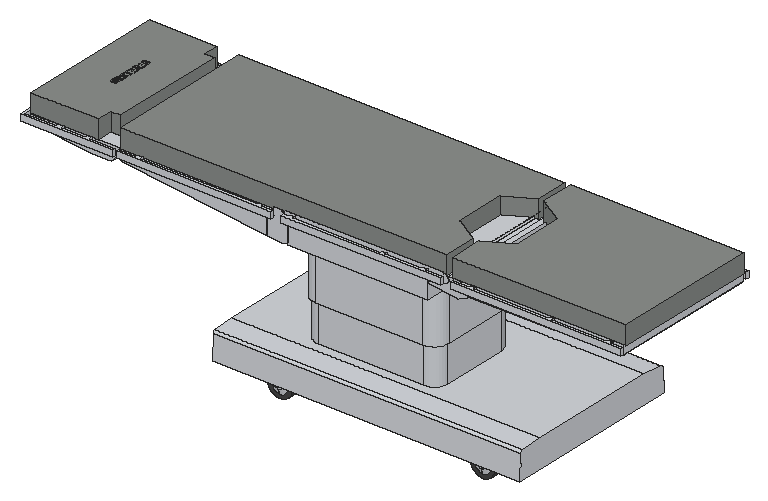
Revit family "R4095SurgicalTable", category Specialty Equipment, Revit 2017 (continued)
Lines and regions (in)
  symbolic lines, style "AMSEQUIP"
    curve 932: line (-106.98169, -19.25, 22.45227) -> (-127.41703, -19.25, 22.45227)
    curve 933: line (-106.67139, -19.25, 22.29713) -> (-106.67139, -19.25, 22.62959)
    curve 934: line (-106.91683, -19.25, 22.29713) -> (-105.80699, -19.25, 22.29713)
    curve 935: line (-105.60751, -19.25, 21.69869) -> (-105.60751, -19.25, 22.09765)
    curve 936: line (-127.41703, -19.25, 21.3219) -> (-118.70652, -19.25, 21.3219)
    curve 937: line (-118.70652, -19.25, 21.3219) -> (-118.70652, -19.25, 21.56571)
    curve 938: line (-118.70652, -19.25, 21.56571) -> (-117.9751, -19.25, 21.56571)
    curve 939: line (-117.9751, -19.25, 21.56571) -> (-117.9751, -19.25, 21.3219)
    curve 940: line (-117.9751, -19.25, 21.3219) -> (-116.42361, -19.25, 21.3219)
    curve 941: line (-116.42361, -19.25, 21.3219) -> (-116.42361, -19.25, 21.56571)
    curve 942: line (-116.42361, -19.25, 21.56571) -> (-115.67003, -19.25, 21.56571)
    curve 943: line (-115.67003, -19.25, 21.56571) -> (-115.67003, -19.25, 21.3219)
    curve 944: line (-115.67003, -19.25, 21.3219) -> (-106.98169, -19.25, 21.3219)
    curve 945: line (-110.04034, -19.25, 19.77041) -> (-109.24243, -19.25, 19.77041)
    curve 946: line (-109.24243, -19.25, 19.63743) -> (-110.04034, -19.25, 19.63743)
    curve 947: line (-107.91258, -19.25, 18.7287) -> (-107.86825, -19.25, 18.7287)
    curve 948: line (-107.86825, -19.25, 21.3219) -> (-107.86825, -19.25, 18.55139)
    curve 949: line (-107.86825, -19.25, 18.55139) -> (-107.69094, -19.25, 18.55139)
    curve 950: line (-107.69094, -19.25, 18.55139) -> (-106.09512, -19.25, 18.37407)
    curve 951: line (-104.05602, -19.25, 20.08071) -> (-105.47453, -19.25, 21.41056)
    curve 952: line (-127.17322, -19.25, 21.87601) -> (-127.19538, -19.25, 21.92034)
    curve 953: line (-127.19538, -19.25, 21.92034) -> (-127.26188, -19.25, 21.89817)
    curve 954: line (-127.26188, -19.25, 21.89817) -> (-127.26188, -19.25, 21.85384)
    curve 955: line (-127.26188, -19.25, 21.85384) -> (-127.19538, -19.25, 21.83168)
    curve 956: line (-127.19538, -19.25, 21.83168) -> (-127.17322, -19.25, 21.87601)
    curve 957: line (-127.49347, -19.25, 22.29713) -> (-127.63867, -19.25, 22.29713)
    curve 958: line (-127.63867, -19.25, 22.29713) -> (-127.63867, -19.25, 22.62959)
    curve 959: line (-127.63867, -19.25, 22.62959) -> (-127.59434, -19.25, 22.67392)
    curve 960: line (-127.59434, -19.25, 22.29713) -> (-127.59434, -19.25, 20.98944)
    curve 961: line (-107.91258, -19.25, 21.3219) -> (-107.91258, -19.25, 18.64004)
    curve 962: line (-107.91258, -19.25, 18.64004) -> (-107.93475, -19.25, 18.57355)
    curve 963: line (-107.93475, -19.25, 18.57355) -> (-127.23971, -19.25, 20.59049)
    curve 964: line (-127.74949, -19.25, 22.65175) -> (-139.69596, -19.25, 22.65175)
    curve 965: line (-139.69596, -19.25, 22.65175) -> (-139.69596, -19.25, 24.65175)
    curve 966: line (-139.69596, -19.25, 24.65175) -> (-127.74949, -19.25, 24.65175)
    curve 967: line (-127.74949, -19.25, 24.65175) -> (-127.74949, -19.25, 22.65175)
    curve 968: line (-127.63867, -19.25, 22.62959) -> (-106.67139, -19.25, 22.62959)
    curve 969: line (-106.67139, -19.25, 22.62959) -> (-106.71572, -19.25, 22.67392)
    curve 970: line (-106.71572, -19.25, 22.67392) -> (-127.63867, -19.25, 22.67392)
    curve 971: line (-127.63867, -19.25, 22.67392) -> (-127.63867, -19.25, 24.65175)
    curve 972: line (-127.63867, -19.25, 24.65175) -> (-83.7315, -19.25, 24.65175)
    curve 973: line (-83.7315, -19.25, 24.65175) -> (-83.7315, -19.25, 22.76257)
    curve 974: line (-83.7315, -19.25, 22.76257) -> (-102.10558, -19.25, 22.76257)
    curve 975: line (-82.95576, -19.25, 22.74041) -> (-59.63908, -19.25, 22.74041)
    curve 976: line (-59.63908, -19.25, 22.74041) -> (-59.63908, -19.25, 24.60463)
    curve 977: line (-59.63908, -19.25, 24.60463) -> (-82.95576, -19.25, 24.65023)
    curve 978: line (-82.95576, -19.25, 24.65023) -> (-82.95576, -19.25, 22.74041)
    curve 981: circle (-1.46555, 9.42345, 21.45119) r 0.15889 normal (-1, 0, 0)
    curve 982: circle (-1.46555, 9.60077, 21.05224) r 0.15889 normal (-1, 0, 0)
    curve 983: circle (-1.46555, -9.28308, 21.0744) r 0.15889 normal (-1, 0, 0)
    curve 984: circle (-1.46555, -9.65987, 21.45119) r 0.15889 normal (-1, 0, 0)
    curve 985: circle (-1.46555, 1.93181, 1.55502) r 0.4025 normal (-1, 0, 0)
    curve 986: line (-1.46555, 9.88521, 22.67392) -> (-1.46555, 9.88521, 24.67392)
    curve 987: line (-1.46555, 9.88521, 24.67392) -> (-1.46555, -9.97386, 24.67392)
    curve 988: line (-1.46555, -9.97386, 24.67392) -> (-1.46555, -9.97386, 22.67392)
    curve 989: line (-1.46555, -10.77177, 0.53194) -> (-1.46555, -10.86398, 0.59341)
    curve 990: line (-1.46555, -10.86398, 0.59341) -> (-1.46555, -10.99341, 1.21903)
    curve 991: line (-1.46555, -10.99341, 1.21903) -> (-1.46555, -10.99341, 2.01694)
    curve 992: line (-1.46555, -10.99341, 2.01694) -> (-1.46555, -10.92668, 2.35061)
    curve 993: line (-1.46555, 10.90502, 2.37051) -> (-1.46555, 10.99341, 2.01694)
    curve 994: line (-1.46555, 10.99341, 2.01694) -> (-1.46555, 10.99341, 1.21903)
    curve 995: line (-1.46555, 10.99341, 1.21903) -> (-1.46555, 10.83826, 0.57627)
    curve 996: line (-1.46555, 10.83826, 0.57627) -> (-1.46555, 10.77177, 0.53194)
    curve 997: line (-1.46555, -1.77313, 16.33497) -> (-1.46555, -1.77313, 6.1838)
    curve 998: line (-1.46555, -6.84872, 11.19289) -> (-1.46555, -6.84872, 6.1838)
    curve 999: line (-1.46555, 4.0782, 11.28155) -> (-1.46555, 4.0782, 6.1838)
    curve 1000: line (-1.46555, -7.00387, 11.23722) -> (-1.46555, -7.00387, 16.35714)
    curve 1001: line (-1.46555, 4.25552, 16.35714) -> (-1.46555, 4.25552, 11.28155)
    curve 1002: line (-1.46555, 4.9426, 11.30219) -> (-1.46555, 4.9426, 6.1838)
    curve 1003: line (-1.46555, -7.64663, 6.1838) -> (-1.46555, -7.64663, 11.19422)
    curve 1004: line (-1.46555, -1.1747, 1.52933) -> (-1.46555, -1.30768, 1.52933)
    curve 1005: line (-1.46555, -0.84224, 1.52933) -> (-1.46555, -0.82007, 1.57365)
    curve 1006: line (-1.46555, -0.82007, 1.57365) -> (-1.46555, -0.75358, 1.55149)
    curve 1007: line (-1.46555, -0.75358, 1.55149) -> (-1.46555, -0.75358, 1.50716)
    curve 1008: line (-1.46555, -0.75358, 1.50716) -> (-1.46555, -0.82007, 1.485)
    curve 1009: line (-1.46555, -0.82007, 1.485) -> (-1.46555, -0.84224, 1.52933)
    curve 1010: line (-1.46555, -1.61798, 1.99477) -> (-1.46555, -1.61798, 1.06388)
    curve 1011: line (-1.46555, -1.61798, 1.06388) -> (-1.46555, -2.21641, 1.06388)
    curve 1012: line (-1.46555, -2.21641, 1.06388) -> (-1.46555, -2.21641, 1.99477)
    curve 1013: line (-1.46555, -2.21641, 1.99477) -> (-1.46555, -1.61798, 1.99477)
    curve 1014: line (-1.46555, -1.37418, 1.99477) -> (-1.46555, -1.37418, 1.06388)
    curve 1015: line (-1.46555, -1.37418, 1.06388) -> (-1.46555, -0.66492, 1.06388)
    curve 1016: line (-1.46555, -0.66492, 1.06388) -> (-1.46555, -0.66492, 1.99477)
    curve 1017: line (-1.46555, -0.66492, 1.99477) -> (-1.46555, -1.37418, 1.99477)
    curve 1018: line (-1.46555, 0.22164, 1.26652) -> (-1.46555, 0.22164, 1.79213)
    curve 1019: line (-1.46555, 0.22164, 1.79213) -> (-1.46555, 0.04433, 1.99477)
    curve 1020: line (-1.46555, 0.04433, 1.99477) -> (-1.46555, -0.42112, 1.99477)
    curve 1021: line (-1.46555, -0.42112, 1.99477) -> (-1.46555, -0.42112, 1.06388)
    curve 1022: line (-1.46555, -0.42112, 1.06388) -> (-1.46555, 0.04433, 1.06388)
    curve 1023: line (-1.46555, 0.04433, 1.06388) -> (-1.46555, 0.22164, 1.26652)
    curve 1024: line (-1.46555, 0.04433, 1.485) -> (-1.46555, 0.04433, 1.57365)
    curve 1025: line (-1.46555, 0.04433, 1.57365) -> (-1.46555, -0.11082, 1.57365)
    curve 1026: line (-1.46555, -0.11082, 1.57365) -> (-1.46555, -0.11082, 1.485)
    curve 1027: line (-1.46555, -0.11082, 1.485) -> (-1.46555, 0.04433, 1.485)
    curve 1028: line (-1.46555, -0.26597, 1.83962) -> (-1.46555, -0.26597, 1.77313)
    curve 1029: line (-1.46555, -0.26597, 1.77313) -> (-1.46555, -0.11082, 1.77313)
    curve 1030: line (-1.46555, -0.11082, 1.77313) -> (-1.46555, -0.11082, 1.83962)
    curve 1031: line (-1.46555, -0.11082, 1.83962) -> (-1.46555, -0.26597, 1.83962)
    curve 1032: line (-1.46555, -0.26597, 1.28552) -> (-1.46555, -0.11082, 1.28552)
    curve 1033: line (-1.46555, -0.11082, 1.28552) -> (-1.46555, -0.11082, 1.21903)
    curve 1034: line (-1.46555, -0.11082, 1.21903) -> (-1.46555, -0.26597, 1.21903)
    curve 1035: line (-1.46555, -0.26597, 1.21903) -> (-1.46555, -0.26597, 1.28552)
    curve 1036: line (-1.46555, -2.40112, 0.79791) -> (-1.46555, -2.77052, 1.46283)
    curve 1037: line (-1.46555, -2.77052, 1.46283) -> (-1.46555, -2.77052, 1.61798)
    curve 1038: line (-1.46555, -2.77052, 1.61798) -> (-1.46555, -2.38691, 2.28291)
    curve 1039: line (-1.46555, -2.38691, 2.28291) -> (-1.46555, 0.32223, 2.28291)
    curve 1040: line (-1.46555, 0.32223, 2.28291) -> (-1.46555, 0.73142, 1.61798)
    curve 1041: line (-1.46555, 0.73142, 1.61798) -> (-1.46555, 0.73142, 1.46283)
    curve 1042: line (-1.46555, 0.73142, 1.46283) -> (-1.46555, 0.33739, 0.79791)
    curve 1043: line (-1.46555, 0.33739, 0.79791) -> (-1.46555, -2.40112, 0.79791)
    curve 1044: line (-1.46555, -11.01558, 1.41851) -> (-1.46555, -11.01558, 1.81746)
    curve 1045: line (-1.46555, -11.01558, 1.81746) -> (-1.46555, -11.10423, 1.81746)
    curve 1046: line (-1.46555, -11.10423, 1.81746) -> (-1.46555, -11.10423, 1.41851)
    curve 1047: line (-1.46555, -11.10423, 1.41851) -> (-1.46555, -11.01558, 1.41851)
    curve 1048: line (-1.46555, 4.78745, 1.59582) -> (-1.46555, 2.79268, 1.59582)
    curve 1049: line (-1.46555, -8.777, 18.52922) -> (-1.46555, -8.71051, 18.48489)
    curve 1050: line (-1.46555, -8.71051, 18.48489) -> (-1.46555, -8.51103, 18.48489)
    curve 1051: line (-1.46555, -8.51103, 18.48489) -> (-1.46555, -8.51103, 18.55139)
    curve 1052: line (-1.46555, -8.59969, 18.48489) -> (-1.46555, -8.59969, 18.35191)
    curve 1053: line (-1.46555, -8.59969, 18.35191) -> (-1.46555, -7.58014, 18.35191)
    curve 1054: line (-1.46555, -7.58014, 18.35191) -> (-1.46555, -7.58014, 18.62387)
    curve 1055: line (-1.46555, -4.6988, 18.90601) -> (-1.46555, -4.6988, 17.13288)
    curve 1056: line (-1.46555, -4.6988, 17.13288) -> (-1.46555, -6.49409, 16.35714)
    curve 1057: line (-1.46555, 4.78745, 1.485) -> (-1.46555, 4.41066, 1.485)
    curve 1058: line (-1.46555, 4.41066, 1.485) -> (-1.46555, 4.41066, 1.28552)
    curve 1059: line (-1.46555, 4.78745, 1.28552) -> (-1.46555, 2.79268, 1.28552)
    curve 1060: line (-1.46555, 3.19164, 1.28552) -> (-1.46555, 3.19164, 1.485)
    curve 1061: line (-1.46555, 3.19164, 1.485) -> (-1.46555, 2.79268, 1.485)
    curve 1062: line (-1.46555, 2.79268, 1.08604) -> (-1.46555, 4.78745, 1.08604)
    curve 1063: line (-1.46555, 4.78745, 1.08604) -> (-1.46555, 4.78745, 1.99477)
    curve 1064: line (-1.46555, 4.78745, 1.99477) -> (-1.46555, 2.79268, 1.99477)
    curve 1065: line (-1.46555, 2.79268, 1.99477) -> (-1.46555, 2.79268, 1.08604)
    curve 1066: line (-1.46555, 4.9426, 1.1747) -> (-1.46555, 4.9426, 1.95044)
    curve 1067: line (-1.46555, 5.11992, 16.35714) -> (-1.46555, 5.11992, 11.30371)
    curve 1068: line (-1.46555, 5.11992, 11.30371) -> (-1.46555, -7.80178, 11.19289)
    curve 1069: line (-1.46555, -7.80178, 11.19289) -> (-1.46555, -7.80178, 16.11333)
    curve 1070: line (-1.46555, 1.81746, 1.37418) -> (-1.46555, 2.0391, 1.37418)
    curve 1071: line (-1.46555, 2.0391, 1.37418) -> (-1.46555, 2.14992, 1.55149)
    curve 1072: line (-1.46555, 2.14992, 1.55149) -> (-1.46555, 2.0391, 1.75097)
    curve 1073: line (-1.46555, 2.0391, 1.75097) -> (-1.46555, 1.81746, 1.75097)
    curve 1074: line (-1.46555, 1.81746, 1.75097) -> (-1.46555, 1.70664, 1.55149)
    curve 1075: line (-1.46555, 1.70664, 1.55149) -> (-1.46555, 1.81746, 1.37418)
    curve 1076: line (-1.46555, -7.62446, 17.48751) -> (-1.46555, -7.40282, 17.48751)
    curve 1077: line (-1.46555, -7.40282, 17.48751) -> (-1.46555, -7.40282, 17.17721)
    curve 1078: line (-1.46555, -7.40282, 17.17721) -> (-1.46555, -7.62446, 17.17721)
    curve 1079: line (-1.46555, -9.88521, 18.28542) -> (-1.46555, -9.9517, 18.28542)
    curve 1080: line (-1.46555, -9.9517, 18.28542) -> (-1.46555, -9.9517, 17.97512)
    curve 1081: line (-1.46555, -9.9517, 17.97512) -> (-1.46555, -9.88521, 17.97512)
    curve 1082: line (-1.46555, -9.88521, 17.97512) -> (-1.46555, -9.88521, 18.55139)
    curve 1083: line (-1.46555, -7.62446, 18.15243) -> (-1.46555, -9.88521, 18.15243)
    curve 1084: line (-1.46555, 2.63753, 17.13288) -> (-1.46555, 2.63753, 18.90601)
    curve 1085: line (-1.46555, 2.63753, 18.90601) -> (-1.46555, -7.38066, 18.90601)
    curve 1086: line (-1.46555, -7.38066, 18.90601) -> (-1.46555, -7.38066, 18.30758)
    curve 1087: line (-1.46555, -7.38066, 18.30758) -> (-1.46555, -8.59969, 18.30758)
    curve 1088: line (-1.46555, -8.59969, 18.30758) -> (-1.46555, -8.59969, 18.15243)
    curve 1089: line (-1.46555, 8.59969, 18.48489) -> (-1.46555, 8.59969, 18.35191)
    curve 1090: line (-1.46555, 8.59969, 18.35191) -> (-1.46555, 7.58014, 18.35191)
    curve 1091: line (-1.46555, 7.58014, 18.35191) -> (-1.46555, 7.58014, 18.62387)
    curve 1092: line (-1.46555, -7.62446, 16.35714) -> (-1.46555, 7.62446, 16.35714)
    curve 1093: line (-1.46555, 9.88521, 17.97512) -> (-1.46555, 9.88521, 16.11333)
    curve 1094: line (-1.46555, 9.88521, 16.11333) -> (-1.46555, 7.62446, 16.11333)
    curve 1095: line (-1.46555, 7.62446, 16.11333) -> (-1.46555, 7.62446, 18.30758)
    curve 1096: line (-1.46555, -9.19812, 18.55139) -> (-1.46555, -9.19812, 18.46273)
    curve 1097: line (-1.46555, -9.19812, 18.46273) -> (-1.46555, -8.68834, 18.46273)
    curve 1098: line (-1.46555, -8.68834, 18.46273) -> (-1.46555, -8.68834, 18.15243)
    curve 1099: line (-1.46555, 7.31417, 18.50706) -> (-1.46555, 2.63753, 18.50706)
    curve 1100: line (-1.46555, 8.59969, 18.15243) -> (-1.46555, 8.59969, 18.30758)
    curve 1101: line (-1.46555, 8.59969, 18.30758) -> (-1.46555, 7.31417, 18.30758)
    curve 1102: line (-1.46555, 7.31417, 18.30758) -> (-1.46555, 7.31417, 18.81736)
    curve 1103: line (-1.46555, 7.31417, 18.81736) -> (-1.46555, 2.63753, 18.81736)
    curve 1104: line (-1.46555, 2.81485, 2.10559) -> (-1.46555, 4.76529, 2.10559)
    curve 1105: line (-1.46555, 8.66618, 18.15243) -> (-1.46555, 8.66618, 18.46273)
    curve 1106: line (-1.46555, 8.66618, 18.46273) -> (-1.46555, 9.17595, 18.46273)
    curve 1107: line (-1.46555, 9.17595, 18.46273) -> (-1.46555, 9.17595, 18.55139)
    curve 1108: line (-1.46555, 9.86304, 18.28542) -> (-1.46555, 9.9517, 18.28542)
    curve 1109: line (-1.46555, 9.9517, 18.28542) -> (-1.46555, 9.9517, 17.97512)
    curve 1110: line (-1.46555, 9.9517, 17.97512) -> (-1.46555, 9.86304, 17.97512)
    curve 1111: line (-1.46555, 9.86304, 17.97512) -> (-1.46555, 9.86304, 18.55139)
    curve 1112: line (-1.46555, 11.01558, 1.81746) -> (-1.46555, 11.10423, 1.81746)
    curve 1113: line (-1.46555, 11.10423, 1.81746) -> (-1.46555, 11.10423, 1.41851)
    curve 1114: line (-1.46555, 11.10423, 1.41851) -> (-1.46555, 11.01558, 1.41851)
    curve 1115: line (-1.46555, 11.01558, 1.41851) -> (-1.46555, 11.01558, 1.81746)
    curve 1116: line (-1.46555, 10.23954, 2.36991) -> (-1.46555, 9.92954, 0.64276)
    curve 1117: line (-1.46555, 9.92954, 0.64276) -> (-1.46555, -9.92954, 0.64276)
    curve 1118: line (-1.46555, -9.92954, 0.64276) -> (-1.46555, -10.31168, 2.35117)
    curve 1119: line (-1.46555, 8.48887, 18.55139) -> (-1.46555, 8.48887, 18.48489)
    curve 1120: line (-1.46555, 8.48887, 18.48489) -> (-1.46555, 8.71051, 18.48489)
    curve 1121: line (-1.46555, 8.71051, 18.48489) -> (-1.46555, 8.75484, 18.52922)
    curve 1122: line (-1.46555, -7.62446, 18.30758) -> (-1.46555, -7.62446, 16.11333)
    curve 1123: line (-1.46555, -7.62446, 16.11333) -> (-1.46555, -9.92954, 16.11333)
    curve 1124: line (-1.46555, -9.92954, 16.11333) -> (-1.46555, -9.92954, 17.97512)
    curve 1125: line (-1.46555, -4.6988, 17.13288) -> (-1.46555, 5.31939, 17.13288)
    curve 1126: line (-1.46555, 10.77177, 2.37039) -> (-1.46555, 10.77177, 0.04908)
    curve 1127: line (-1.46555, 10.77177, 0.04908) -> (-1.46555, 10.08468, 0)
    curve 1128: line (-1.46555, 10.08468, 0) -> (-1.46555, 9.3976, 0.04908)
    curve 1129: line (-1.46555, 9.3976, 0.04908) -> (-1.46555, 9.3976, 0.64276)
    curve 1130: line (-1.46555, -9.41976, 0.64276) -> (-1.46555, -9.41976, 0.04749)
    curve 1131: line (-1.46555, -9.41976, 0.04749) -> (-1.46555, -10.08468, 0)
    curve 1132: line (-1.46555, -10.08468, 0) -> (-1.46555, -10.77177, 0.04908)
    curve 1133: line (-1.46555, -10.77177, 0.04908) -> (-1.46555, -10.77177, 2.35075)
    curve 1134: line (-1.46555, 4.76529, 1.01955) -> (-1.46555, 2.81485, 1.01955)
    curve 1135: line (-1.46555, 2.6597, 1.1747) -> (-1.46555, 2.6597, 1.95044)
    curve 1136: line (-1.46555, 11.56968, 5.93999) -> (-1.46555, 8.73267, 6.1838)
    curve 1137: line (-1.46555, 8.73267, 6.1838) -> (-1.46555, -8.90998, 6.1838)
    curve 1138: line (-1.46555, -8.90998, 6.1838) -> (-1.46555, -11.74699, 5.93999)
    curve 1139: line (-1.46555, -12.07946, 5.60753) -> (-1.46555, -12.2346, 2.34942)
    curve 1140: line (-1.46555, -12.25677, 2.3494) -> (-1.46555, 12.05729, 2.37156)
    curve 1141: line (-1.46555, 12.05729, 2.37156) -> (-1.46555, 11.87998, 5.60753)
    curve 1142: line (-1.46555, 9.86304, 18.15243) -> (-1.46555, 7.62446, 18.15243)
    curve 1143: line (-1.46555, -7.55797, 20.7678) -> (-1.46555, -7.55797, 18.70653)
    curve 1144: line (-1.46555, 7.55797, 20.65698) -> (-1.46555, 7.55797, 18.70653)
    curve 1145: line (-1.46555, 7.71312, 18.55139) -> (-1.46555, 9.88521, 18.55139)
    curve 1146: line (-1.46555, 9.88521, 18.55139) -> (-1.46555, 9.88521, 22.67392)
    curve 1147: line (-1.46555, 9.88521, 22.67392) -> (-1.46555, -9.97386, 22.67392)
    curve 1148: line (-1.46555, -9.97386, 22.67392) -> (-1.46555, -9.97386, 18.55139)
    curve 1149: line (-1.46555, -9.97386, 18.55139) -> (-1.46555, -7.71312, 18.55139)
    curve 1150: line (-1.46555, 4.14469, 22.67392) -> (-1.46555, 4.14469, 22.09765)
    curve 1151: line (-1.46555, 9.88521, 22.1863) -> (-1.46555, 10.35065, 22.1863)
    curve 1152: line (-1.46555, -9.97386, 22.1863) -> (-1.46555, -10.43931, 22.1863)
    curve 1153: line (-1.46555, -4.67663, 21.67653) -> (-1.46555, -9.53058, 21.67653)
    curve 1154: line (-1.46555, 9.44192, 21.67653) -> (-1.46555, 4.58798, 21.67653)
    curve 1155: line (-1.46555, 9.88521, 21.54354) -> (-1.46555, 10.35065, 21.54354)
    curve 1156: line (-1.46555, -9.97386, 21.54354) -> (-1.46555, -10.43931, 21.54354)
    curve 1157: line (-1.46555, 10.70528, 22.43011) -> (-1.46555, 10.70528, 21.29974)
    curve 1158: line (-1.46555, 10.70528, 21.29974) -> (-1.46555, 10.35065, 21.29974)
    curve 1159: line (-1.46555, 10.35065, 21.29974) -> (-1.46555, 10.35065, 22.43011)
    curve 1160: line (-1.46555, 10.35065, 22.43011) -> (-1.46555, 10.70528, 22.43011)
    curve 1161: line (-1.46555, 7.95693, 20.7678) -> (-1.46555, 7.95693, 20.65698)
    curve 1162: line (-1.46555, 7.95693, 20.65698) -> (-1.46555, 7.35849, 20.65698)
    curve 1163: line (-1.46555, -4.23335, 22.67392) -> (-1.46555, -4.23335, 22.09765)
    curve 1164: line (-1.46555, 9.88521, 20.7678) -> (-1.46555, -9.9517, 20.7678)
    curve 1165: line (-1.46555, -10.43931, 22.43011) -> (-1.46555, -10.79394, 22.43011)
    curve 1166: line (-1.46555, -10.79394, 22.43011) -> (-1.46555, -10.79394, 21.29974)
    curve 1167: line (-1.46555, -10.79394, 21.29974) -> (-1.46555, -10.43931, 21.29974)
    curve 1168: line (-1.46555, -10.43931, 21.29974) -> (-1.46555, -10.43931, 22.43011)
    curve 1169: arc (-1.46555, 4.58798, 21.67653) -> (-1.46555, 4.29604, 21.81309) -> (-1.46555, 4.14469, 22.09765) r 0.50888
    curve 1170: arc (-1.46555, -4.23335, 22.09765) -> (-1.46555, -4.3847, 21.81309) -> (-1.46555, -4.67663, 21.67653) r 0.50888
    curve 1171: arc (-1.46555, 7.35849, 20.65698) -> (-1.46555, 7.24198, 20.68219) -> (-1.46555, 7.15902, 20.7678) r 0.20569
    curve 1172: arc (-1.46555, 9.88521, 22.1863) -> (-1.46555, 9.76151, 21.84625) -> (-1.46555, 9.44192, 21.67653) r 0.50441
    curve 1173: arc (-1.46555, 7.71312, 18.55139) -> (-1.46555, 7.6023, 18.59571) -> (-1.46555, 7.55797, 18.70653) r 0.1515
    curve 1174: arc (-1.46555, 6.67141, 16.35714) -> (-1.46555, 6.27807, 16.47086) -> (-1.46555, 5.98432, 16.75609) r 0.84536
    curve 1175: arc (-1.46555, 5.31939, 17.13288) -> (-1.46555, 5.70298, 17.03471) -> (-1.46555, 5.98432, 16.75609) r 0.75593
    curve 1176: arc (-1.46555, -7.55797, 18.70653) -> (-1.46555, -7.6023, 18.59571) -> (-1.46555, -7.71312, 18.55139) r 0.1515
    curve 1177: arc (-1.46555, -9.53058, 21.67653) -> (-1.46555, -9.82252, 21.81309) -> (-1.46555, -9.97386, 22.09765) r 0.50888
    curve 1178: arc (-1.46555, 11.56968, 5.93999) -> (-1.46555, 11.76478, 5.81104) -> (-1.46555, 11.87998, 5.60753) r 0.50041
    curve 1179: arc (-1.46555, -12.07946, 5.60753) -> (-1.46555, -11.95755, 5.81809) -> (-1.46555, -11.74699, 5.93999) r 0.47213
    curve 1180: arc (-1.46555, 4.76529, 2.10559) -> (-1.46555, 4.88993, 2.06914) -> (-1.46555, 4.9426, 1.95044) r 0.15432
    curve 1181: arc (-1.46555, 2.6597, 1.95044) -> (-1.46555, 2.70403, 2.06127) -> (-1.46555, 2.81485, 2.10559) r 0.1515
    curve 1182: arc (-1.46555, 4.9426, 1.1747) -> (-1.46555, 4.88008, 1.06726) -> (-1.46555, 4.76529, 1.01955) r 0.19469
    curve 1183: arc (-1.46555, 2.81485, 1.01955) -> (-1.46555, 2.70403, 1.06388) -> (-1.46555, 2.6597, 1.1747) r 0.1515
    curve 1184: circle (-1.46555, 1.93181, 1.55502) r 0.09225 normal (-1, 0, 0)
    curve 1187: circle (-1.46555, -26.57655, 21.45119) r 0.15889 normal (-1, 0, 0)
    curve 1188: circle (-1.46555, -26.39923, 21.05224) r 0.15889 normal (-1, 0, 0)
    curve 1189: circle (-1.46555, -45.28308, 21.0744) r 0.15889 normal (-1, 0, 0)
    curve 1190: circle (-1.46555, -45.65987, 21.45119) r 0.15889 normal (-1, 0, 0)
    curve 1191: circle (-1.46555, -34.06819, 1.55502) r 0.4025 normal (-1, 0, 0)
    curve 1192: line (-1.46555, -26.11479, 22.67392) -> (-1.46555, -26.11479, 24.67392)
    curve 1193: line (-1.46555, -26.11479, 24.67392) -> (-1.46555, -45.97386, 24.67392)
    curve 1194: line (-1.46555, -45.97386, 24.67392) -> (-1.46555, -45.97386, 22.67392)
    curve 1195: line (-1.46555, -46.77177, 0.53194) -> (-1.46555, -46.86398, 0.59341)
    curve 1196: line (-1.46555, -46.86398, 0.59341) -> (-1.46555, -46.99341, 1.21903)
    curve 1197: line (-1.46555, -46.99341, 1.21903) -> (-1.46555, -46.99341, 2.01694)
    curve 1198: line (-1.46555, -46.99341, 2.01694) -> (-1.46555, -46.92668, 2.35061)
    curve 1199: line (-1.46555, -25.09498, 2.37051) -> (-1.46555, -25.00659, 2.01694)
    curve 1200: line (-1.46555, -25.00659, 2.01694) -> (-1.46555, -25.00659, 1.21903)
    curve 1201: line (-1.46555, -25.00659, 1.21903) -> (-1.46555, -25.16174, 0.57627)
    curve 1202: line (-1.46555, -25.16174, 0.57627) -> (-1.46555, -25.22823, 0.53194)
    curve 1203: line (-1.46555, -37.77313, 16.33497) -> (-1.46555, -37.77313, 6.1838)
    curve 1204: line (-1.46555, -42.84872, 11.19289) -> (-1.46555, -42.84872, 6.1838)
    curve 1205: line (-1.46555, -31.9218, 11.28155) -> (-1.46555, -31.9218, 6.1838)
    curve 1206: line (-1.46555, -43.00387, 11.23722) -> (-1.46555, -43.00387, 16.35714)
    curve 1207: line (-1.46555, -31.74448, 16.35714) -> (-1.46555, -31.74448, 11.28155)
    curve 1208: line (-1.46555, -31.0574, 11.30219) -> (-1.46555, -31.0574, 6.1838)
    curve 1209: line (-1.46555, -43.64663, 6.1838) -> (-1.46555, -43.64663, 11.19422)
    curve 1210: line (-1.46555, -37.1747, 1.52933) -> (-1.46555, -37.30768, 1.52933)
    curve 1211: line (-1.46555, -36.84224, 1.52933) -> (-1.46555, -36.82007, 1.57365)
    curve 1212: line (-1.46555, -36.82007, 1.57365) -> (-1.46555, -36.75358, 1.55149)
    curve 1213: line (-1.46555, -36.75358, 1.55149) -> (-1.46555, -36.75358, 1.50716)
    curve 1214: line (-1.46555, -36.75358, 1.50716) -> (-1.46555, -36.82007, 1.485)
    curve 1215: line (-1.46555, -36.82007, 1.485) -> (-1.46555, -36.84224, 1.52933)
    curve 1216: line (-1.46555, -37.61798, 1.99477) -> (-1.46555, -37.61798, 1.06388)
    curve 1217: line (-1.46555, -37.61798, 1.06388) -> (-1.46555, -38.21641, 1.06388)
    curve 1218: line (-1.46555, -38.21641, 1.06388) -> (-1.46555, -38.21641, 1.99477)
    curve 1219: line (-1.46555, -38.21641, 1.99477) -> (-1.46555, -37.61798, 1.99477)
    curve 1220: line (-1.46555, -37.37418, 1.99477) -> (-1.46555, -37.37418, 1.06388)
    curve 1221: line (-1.46555, -37.37418, 1.06388) -> (-1.46555, -36.66492, 1.06388)
    curve 1222: line (-1.46555, -36.66492, 1.06388) -> (-1.46555, -36.66492, 1.99477)
    curve 1223: line (-1.46555, -36.66492, 1.99477) -> (-1.46555, -37.37418, 1.99477)
    curve 1224: line (-1.46555, -35.77836, 1.26652) -> (-1.46555, -35.77836, 1.79213)
    curve 1225: line (-1.46555, -35.77836, 1.79213) -> (-1.46555, -35.95567, 1.99477)
    curve 1226: line (-1.46555, -35.95567, 1.99477) -> (-1.46555, -36.42112, 1.99477)
    curve 1227: line (-1.46555, -36.42112, 1.99477) -> (-1.46555, -36.42112, 1.06388)
    curve 1228: line (-1.46555, -36.42112, 1.06388) -> (-1.46555, -35.95567, 1.06388)
    curve 1229: line (-1.46555, -35.95567, 1.06388) -> (-1.46555, -35.77836, 1.26652)
    curve 1230: line (-1.46555, -35.95567, 1.485) -> (-1.46555, -35.95567, 1.57365)
    curve 1231: line (-1.46555, -35.95567, 1.57365) -> (-1.46555, -36.11082, 1.57365)
    curve 1232: line (-1.46555, -36.11082, 1.57365) -> (-1.46555, -36.11082, 1.485)
    curve 1233: line (-1.46555, -36.11082, 1.485) -> (-1.46555, -35.95567, 1.485)
    curve 1234: line (-1.46555, -36.26597, 1.83962) -> (-1.46555, -36.26597, 1.77313)
    curve 1235: line (-1.46555, -36.26597, 1.77313) -> (-1.46555, -36.11082, 1.77313)
    curve 1236: line (-1.46555, -36.11082, 1.77313) -> (-1.46555, -36.11082, 1.83962)
    curve 1237: line (-1.46555, -36.11082, 1.83962) -> (-1.46555, -36.26597, 1.83962)
    curve 1238: line (-1.46555, -36.26597, 1.28552) -> (-1.46555, -36.11082, 1.28552)
    curve 1239: line (-1.46555, -36.11082, 1.28552) -> (-1.46555, -36.11082, 1.21903)
    curve 1240: line (-1.46555, -36.11082, 1.21903) -> (-1.46555, -36.26597, 1.21903)
    curve 1241: line (-1.46555, -36.26597, 1.21903) -> (-1.46555, -36.26597, 1.28552)
    curve 1242: line (-1.46555, -38.40112, 0.79791) -> (-1.46555, -38.77052, 1.46283)
    curve 1243: line (-1.46555, -38.77052, 1.46283) -> (-1.46555, -38.77052, 1.61798)
    curve 1244: line (-1.46555, -38.77052, 1.61798) -> (-1.46555, -38.38691, 2.28291)
    curve 1245: line (-1.46555, -38.38691, 2.28291) -> (-1.46555, -35.67777, 2.28291)
    curve 1246: line (-1.46555, -35.67777, 2.28291) -> (-1.46555, -35.26858, 1.61798)
    curve 1247: line (-1.46555, -35.26858, 1.61798) -> (-1.46555, -35.26858, 1.46283)
    curve 1248: line (-1.46555, -35.26858, 1.46283) -> (-1.46555, -35.66261, 0.79791)
    curve 1249: line (-1.46555, -35.66261, 0.79791) -> (-1.46555, -38.40112, 0.79791)
    curve 1250: line (-1.46555, -47.01558, 1.41851) -> (-1.46555, -47.01558, 1.81746)
    curve 1251: line (-1.46555, -47.01558, 1.81746) -> (-1.46555, -47.10423, 1.81746)
    curve 1252: line (-1.46555, -47.10423, 1.81746) -> (-1.46555, -47.10423, 1.41851)
    curve 1253: line (-1.46555, -47.10423, 1.41851) -> (-1.46555, -47.01558, 1.41851)
    curve 1254: line (-1.46555, -31.21255, 1.59582) -> (-1.46555, -33.20732, 1.59582)
    curve 1255: line (-1.46555, -44.777, 18.52922) -> (-1.46555, -44.71051, 18.48489)
    curve 1256: line (-1.46555, -44.71051, 18.48489) -> (-1.46555, -44.51103, 18.48489)
    curve 1257: line (-1.46555, -44.51103, 18.48489) -> (-1.46555, -44.51103, 18.55139)
    curve 1258: line (-1.46555, -44.59969, 18.48489) -> (-1.46555, -44.59969, 18.35191)
    curve 1259: line (-1.46555, -44.59969, 18.35191) -> (-1.46555, -43.58014, 18.35191)
    curve 1260: line (-1.46555, -43.58014, 18.35191) -> (-1.46555, -43.58014, 18.62387)
    curve 1261: line (-1.46555, -40.6988, 18.90601) -> (-1.46555, -40.6988, 17.13288)
    curve 1262: line (-1.46555, -40.6988, 17.13288) -> (-1.46555, -42.49409, 16.35714)
    curve 1263: line (-1.46555, -31.21255, 1.485) -> (-1.46555, -31.58934, 1.485)
    curve 1264: line (-1.46555, -31.58934, 1.485) -> (-1.46555, -31.58934, 1.28552)
    curve 1265: line (-1.46555, -31.21255, 1.28552) -> (-1.46555, -33.20732, 1.28552)
    curve 1266: line (-1.46555, -32.80836, 1.28552) -> (-1.46555, -32.80836, 1.485)
    curve 1267: line (-1.46555, -32.80836, 1.485) -> (-1.46555, -33.20732, 1.485)
    curve 1268: line (-1.46555, -33.20732, 1.08604) -> (-1.46555, -31.21255, 1.08604)
    curve 1269: line (-1.46555, -31.21255, 1.08604) -> (-1.46555, -31.21255, 1.99477)
    curve 1270: line (-1.46555, -31.21255, 1.99477) -> (-1.46555, -33.20732, 1.99477)
    curve 1271: line (-1.46555, -33.20732, 1.99477) -> (-1.46555, -33.20732, 1.08604)
    curve 1272: line (-1.46555, -31.0574, 1.1747) -> (-1.46555, -31.0574, 1.95044)
    curve 1273: line (-1.46555, -30.88008, 16.35714) -> (-1.46555, -30.88008, 11.30371)
    curve 1274: line (-1.46555, -30.88008, 11.30371) -> (-1.46555, -43.80178, 11.19289)
    curve 1275: line (-1.46555, -43.80178, 11.19289) -> (-1.46555, -43.80178, 16.11333)
    curve 1276: line (-1.46555, -34.18254, 1.37418) -> (-1.46555, -33.9609, 1.37418)
    curve 1277: line (-1.46555, -33.9609, 1.37418) -> (-1.46555, -33.85008, 1.55149)
    curve 1278: line (-1.46555, -33.85008, 1.55149) -> (-1.46555, -33.9609, 1.75097)
    curve 1279: line (-1.46555, -33.9609, 1.75097) -> (-1.46555, -34.18254, 1.75097)
    curve 1280: line (-1.46555, -34.18254, 1.75097) -> (-1.46555, -34.29336, 1.55149)
    curve 1281: line (-1.46555, -34.29336, 1.55149) -> (-1.46555, -34.18254, 1.37418)
    curve 1282: line (-1.46555, -43.62446, 17.48751) -> (-1.46555, -43.40282, 17.48751)
    curve 1283: line (-1.46555, -43.40282, 17.48751) -> (-1.46555, -43.40282, 17.17721)
    curve 1284: line (-1.46555, -43.40282, 17.17721) -> (-1.46555, -43.62446, 17.17721)
    curve 1285: line (-1.46555, -45.88521, 18.28542) -> (-1.46555, -45.9517, 18.28542)
    curve 1286: line (-1.46555, -45.9517, 18.28542) -> (-1.46555, -45.9517, 17.97512)
    curve 1287: line (-1.46555, -45.9517, 17.97512) -> (-1.46555, -45.88521, 17.97512)
    curve 1288: line (-1.46555, -45.88521, 17.97512) -> (-1.46555, -45.88521, 18.55139)
    curve 1289: line (-1.46555, -43.62446, 18.15243) -> (-1.46555, -45.88521, 18.15243)
    curve 1290: line (-1.46555, -33.36247, 17.13288) -> (-1.46555, -33.36247, 18.90601)
    curve 1291: line (-1.46555, -33.36247, 18.90601) -> (-1.46555, -43.38066, 18.90601)
    curve 1292: line (-1.46555, -43.38066, 18.90601) -> (-1.46555, -43.38066, 18.30758)
    curve 1293: line (-1.46555, -43.38066, 18.30758) -> (-1.46555, -44.59969, 18.30758)
    curve 1294: line (-1.46555, -44.59969, 18.30758) -> (-1.46555, -44.59969, 18.15243)
    curve 1295: line (-1.46555, -27.40031, 18.48489) -> (-1.46555, -27.40031, 18.35191)
    curve 1296: line (-1.46555, -27.40031, 18.35191) -> (-1.46555, -28.41986, 18.35191)
    curve 1297: line (-1.46555, -28.41986, 18.35191) -> (-1.46555, -28.41986, 18.62387)
    curve 1298: line (-1.46555, -43.62446, 16.35714) -> (-1.46555, -28.37554, 16.35714)
    curve 1299: line (-1.46555, -26.11479, 17.97512) -> (-1.46555, -26.11479, 16.11333)
    curve 1300: line (-1.46555, -26.11479, 16.11333) -> (-1.46555, -28.37554, 16.11333)
    curve 1301: line (-1.46555, -28.37554, 16.11333) -> (-1.46555, -28.37554, 18.30758)
    curve 1302: line (-1.46555, -45.19812, 18.55139) -> (-1.46555, -45.19812, 18.46273)
    curve 1303: line (-1.46555, -45.19812, 18.46273) -> (-1.46555, -44.68834, 18.46273)
    curve 1304: line (-1.46555, -44.68834, 18.46273) -> (-1.46555, -44.68834, 18.15243)
    curve 1305: line (-1.46555, -28.68583, 18.50706) -> (-1.46555, -33.36247, 18.50706)
    curve 1306: line (-1.46555, -27.40031, 18.15243) -> (-1.46555, -27.40031, 18.30758)
    curve 1307: line (-1.46555, -27.40031, 18.30758) -> (-1.46555, -28.68583, 18.30758)
    curve 1308: line (-1.46555, -28.68583, 18.30758) -> (-1.46555, -28.68583, 18.81736)
    curve 1309: line (-1.46555, -28.68583, 18.81736) -> (-1.46555, -33.36247, 18.81736)
    curve 1310: line (-1.46555, -33.18515, 2.10559) -> (-1.46555, -31.23471, 2.10559)
    curve 1311: line (-1.46555, -27.33382, 18.15243) -> (-1.46555, -27.33382, 18.46273)
    curve 1312: line (-1.46555, -27.33382, 18.46273) -> (-1.46555, -26.82405, 18.46273)
    curve 1313: line (-1.46555, -26.82405, 18.46273) -> (-1.46555, -26.82405, 18.55139)
    curve 1314: line (-1.46555, -26.13696, 18.28542) -> (-1.46555, -26.0483, 18.28542)
    curve 1315: line (-1.46555, -26.0483, 18.28542) -> (-1.46555, -26.0483, 17.97512)
    curve 1316: line (-1.46555, -26.0483, 17.97512) -> (-1.46555, -26.13696, 17.97512)
    curve 1317: line (-1.46555, -26.13696, 17.97512) -> (-1.46555, -26.13696, 18.55139)
    curve 1318: line (-1.46555, -24.98442, 1.81746) -> (-1.46555, -24.89577, 1.81746)
    curve 1319: line (-1.46555, -24.89577, 1.81746) -> (-1.46555, -24.89577, 1.41851)
    curve 1320: line (-1.46555, -24.89577, 1.41851) -> (-1.46555, -24.98442, 1.41851)
    curve 1321: line (-1.46555, -24.98442, 1.41851) -> (-1.46555, -24.98442, 1.81746)
    curve 1322: line (-1.46555, -25.76046, 2.36991) -> (-1.46555, -26.07046, 0.64276)
    curve 1323: line (-1.46555, -26.07046, 0.64276) -> (-1.46555, -45.92954, 0.64276)
    curve 1324: line (-1.46555, -45.92954, 0.64276) -> (-1.46555, -46.31168, 2.35117)
    curve 1325: line (-1.46555, -27.51113, 18.55139) -> (-1.46555, -27.51113, 18.48489)
    curve 1326: line (-1.46555, -27.51113, 18.48489) -> (-1.46555, -27.28949, 18.48489)
    curve 1327: line (-1.46555, -27.28949, 18.48489) -> (-1.46555, -27.24516, 18.52922)
    curve 1328: line (-1.46555, -43.62446, 18.30758) -> (-1.46555, -43.62446, 16.11333)
    curve 1329: line (-1.46555, -43.62446, 16.11333) -> (-1.46555, -45.92954, 16.11333)
    curve 1330: line (-1.46555, -45.92954, 16.11333) -> (-1.46555, -45.92954, 17.97512)
    curve 1331: line (-1.46555, -40.6988, 17.13288) -> (-1.46555, -30.68061, 17.13288)
    curve 1332: line (-1.46555, -25.22823, 2.37039) -> (-1.46555, -25.22823, 0.04908)
    curve 1333: line (-1.46555, -25.22823, 0.04908) -> (-1.46555, -25.91532, 0)
    curve 1334: line (-1.46555, -25.91532, 0) -> (-1.46555, -26.6024, 0.04908)
    curve 1335: line (-1.46555, -26.6024, 0.04908) -> (-1.46555, -26.6024, 0.64276)
    curve 1336: line (-1.46555, -45.41976, 0.64276) -> (-1.46555, -45.41976, 0.04749)
    curve 1337: line (-1.46555, -45.41976, 0.04749) -> (-1.46555, -46.08468, 0)
    curve 1338: line (-1.46555, -46.08468, 0) -> (-1.46555, -46.77177, 0.04908)
    curve 1339: line (-1.46555, -46.77177, 0.04908) -> (-1.46555, -46.77177, 2.35075)
    curve 1340: line (-1.46555, -31.23471, 1.01955) -> (-1.46555, -33.18515, 1.01955)
    curve 1341: line (-1.46555, -33.3403, 1.1747) -> (-1.46555, -33.3403, 1.95044)
    curve 1342: line (-1.46555, -24.43032, 5.93999) -> (-1.46555, -27.26733, 6.1838)
    curve 1343: line (-1.46555, -27.26733, 6.1838) -> (-1.46555, -44.90998, 6.1838)
    curve 1344: line (-1.46555, -44.90998, 6.1838) -> (-1.46555, -47.74699, 5.93999)
    curve 1345: line (-1.46555, -48.07946, 5.60753) -> (-1.46555, -48.2346, 2.34942)
    curve 1346: line (-1.46555, -48.25677, 2.3494) -> (-1.46555, -23.94271, 2.37156)
    curve 1347: line (-1.46555, -23.94271, 2.37156) -> (-1.46555, -24.12002, 5.60753)
    curve 1348: line (-1.46555, -26.13696, 18.15243) -> (-1.46555, -28.37554, 18.15243)
    curve 1349: line (-1.46555, -43.55797, 20.7678) -> (-1.46555, -43.55797, 18.70653)
    curve 1350: line (-1.46555, -28.44203, 20.65698) -> (-1.46555, -28.44203, 18.70653)
    curve 1351: line (-1.46555, -28.28688, 18.55139) -> (-1.46555, -26.11479, 18.55139)
    curve 1352: line (-1.46555, -26.11479, 18.55139) -> (-1.46555, -26.11479, 22.67392)
    curve 1353: line (-1.46555, -26.11479, 22.67392) -> (-1.46555, -45.97386, 22.67392)
    curve 1354: line (-1.46555, -45.97386, 22.67392) -> (-1.46555, -45.97386, 18.55139)
    curve 1355: line (-1.46555, -45.97386, 18.55139) -> (-1.46555, -43.71312, 18.55139)
    curve 1356: line (-1.46555, -31.85531, 22.67392) -> (-1.46555, -31.85531, 22.09765)
    curve 1357: line (-1.46555, -26.11479, 22.1863) -> (-1.46555, -25.64935, 22.1863)
    curve 1358: line (-1.46555, -45.97386, 22.1863) -> (-1.46555, -46.43931, 22.1863)
    curve 1359: line (-1.46555, -40.67663, 21.67653) -> (-1.46555, -45.53058, 21.67653)
    curve 1360: line (-1.46555, -26.55808, 21.67653) -> (-1.46555, -31.41202, 21.67653)
    curve 1361: line (-1.46555, -26.11479, 21.54354) -> (-1.46555, -25.64935, 21.54354)
    curve 1362: line (-1.46555, -45.97386, 21.54354) -> (-1.46555, -46.43931, 21.54354)
    curve 1363: line (-1.46555, -25.29472, 22.43011) -> (-1.46555, -25.29472, 21.29974)
    curve 1364: line (-1.46555, -25.29472, 21.29974) -> (-1.46555, -25.64935, 21.29974)
    curve 1365: line (-1.46555, -25.64935, 21.29974) -> (-1.46555, -25.64935, 22.43011)
    curve 1366: line (-1.46555, -25.64935, 22.43011) -> (-1.46555, -25.29472, 22.43011)
    curve 1367: line (-1.46555, -28.04307, 20.7678) -> (-1.46555, -28.04307, 20.65698)
    curve 1368: line (-1.46555, -28.04307, 20.65698) -> (-1.46555, -28.64151, 20.65698)
    curve 1369: line (-1.46555, -40.23335, 22.67392) -> (-1.46555, -40.23335, 22.09765)
    curve 1370: line (-1.46555, -26.11479, 20.7678) -> (-1.46555, -45.9517, 20.7678)
    curve 1371: line (-1.46555, -46.43931, 22.43011) -> (-1.46555, -46.79394, 22.43011)
    curve 1372: line (-1.46555, -46.79394, 22.43011) -> (-1.46555, -46.79394, 21.29974)
    curve 1373: line (-1.46555, -46.79394, 21.29974) -> (-1.46555, -46.43931, 21.29974)
    curve 1374: line (-1.46555, -46.43931, 21.29974) -> (-1.46555, -46.43931, 22.43011)
    curve 1375: arc (-1.46555, -31.41202, 21.67653) -> (-1.46555, -31.70396, 21.81309) -> (-1.46555, -31.85531, 22.09765) r 0.50888
    curve 1376: arc (-1.46555, -40.23335, 22.09765) -> (-1.46555, -40.3847, 21.81309) -> (-1.46555, -40.67663, 21.67653) r 0.50888
    curve 1377: arc (-1.46555, -28.64151, 20.65698) -> (-1.46555, -28.75802, 20.68219) -> (-1.46555, -28.84098, 20.7678) r 0.20569
    curve 1378: arc (-1.46555, -26.11479, 22.1863) -> (-1.46555, -26.23849, 21.84625) -> (-1.46555, -26.55808, 21.67653) r 0.50441
    curve 1379: arc (-1.46555, -28.28688, 18.55139) -> (-1.46555, -28.3977, 18.59571) -> (-1.46555, -28.44203, 18.70653) r 0.1515
    curve 1380: arc (-1.46555, -29.32859, 16.35714) -> (-1.46555, -29.72193, 16.47086) -> (-1.46555, -30.01568, 16.75609) r 0.84536
    curve 1381: arc (-1.46555, -30.68061, 17.13288) -> (-1.46555, -30.29702, 17.03471) -> (-1.46555, -30.01568, 16.75609) r 0.75593
    curve 1382: arc (-1.46555, -43.55797, 18.70653) -> (-1.46555, -43.6023, 18.59571) -> (-1.46555, -43.71312, 18.55139) r 0.1515
    curve 1383: arc (-1.46555, -45.53058, 21.67653) -> (-1.46555, -45.82252, 21.81309) -> (-1.46555, -45.97386, 22.09765) r 0.50888
    curve 1384: arc (-1.46555, -24.43032, 5.93999) -> (-1.46555, -24.23522, 5.81104) -> (-1.46555, -24.12002, 5.60753) r 0.50041
    curve 1385: arc (-1.46555, -48.07946, 5.60753) -> (-1.46555, -47.95755, 5.81809) -> (-1.46555, -47.74699, 5.93999) r 0.47213
    curve 1386: arc (-1.46555, -31.23471, 2.10559) -> (-1.46555, -31.11007, 2.06914) -> (-1.46555, -31.0574, 1.95044) r 0.15432
    curve 1387: arc (-1.46555, -33.3403, 1.95044) -> (-1.46555, -33.29597, 2.06127) -> (-1.46555, -33.18515, 2.10559) r 0.1515
    curve 1388: arc (-1.46555, -31.0574, 1.1747) -> (-1.46555, -31.11992, 1.06726) -> (-1.46555, -31.23471, 1.01955) r 0.19469
    curve 1389: arc (-1.46555, -33.18515, 1.01955) -> (-1.46555, -33.29597, 1.06388) -> (-1.46555, -33.3403, 1.1747) r 0.1515
    curve 1390: circle (-1.46555, -34.06819, 1.55502) r 0.09225 normal (-1, 0, 0)
Dimensions and locks (in)
  aligned and locked: level to plane 2
Connectors (in)
  electrical at (-13.45362, 0, 1.5), driven by "Electrical Requirements"
    settings: index 1, voltage 0 V, apparent load 0 VA, apparent load phase1 0 VA, apparent load phase2 0 VA, apparent load phase3 0 VA, power factor 1, load classification "Other", number of poles 1, system type 31, power factor state 1, is connector primary yes, connector utility yes, sub classification motor no, connector description "100V, 50Hz, 4A; 100V, 60Hz, 4A; 120V, 50Hz, 4A; 120V, 60Hz, 4A; 220V, 50Hz, 4A; 220V, 60Hz, 4A; 230-240V, 50Hz, 4A; 230-240V, 60Hz, 4A"
